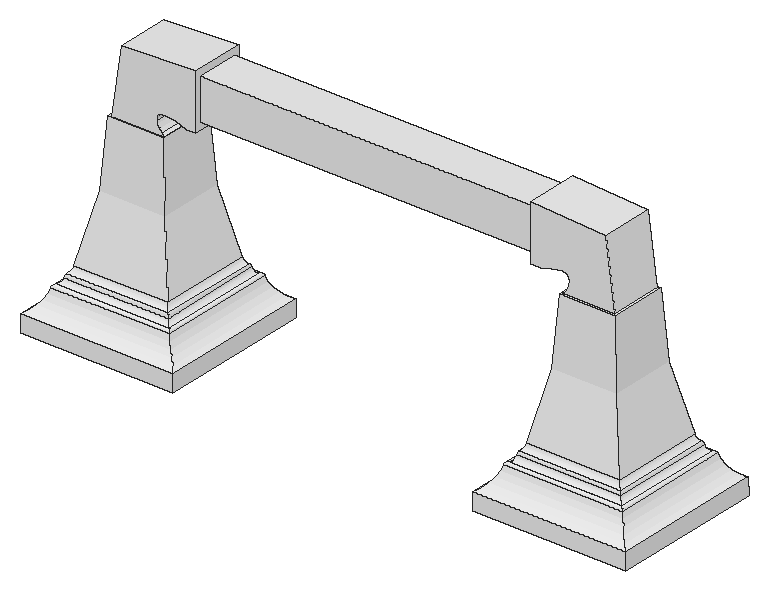
Revit family "Toilet-Paper-Holder-American_Standard-Townsend-7455230_Series", category Specialty Equipment, host Face, Revit 2019
Family settings
  Host = Face
  Round Connector Dimension = Use Diameter
  Part Type = Normal
  OmniClass Number = 23.40.20.21.21
  OmniClass Title = Toilet Paper Dispensers
  Cut with Voids When Loaded = No
  Shared = Yes
  Room Calculation Point = No
Parameters (values of type "7455230.002")
  Width = 3 7/16"  # constant formula
  Warranty Information = "Limited Lifetime Warranty"  # constant formula
  URL = "https://www.americanstandard-us.com/"
  Type Comments = ""
  Revised Date = "02/28/2024"  # constant formula
  Product Page URL = "https://www.americanstandard-us.com/toilet-paper-holders/town-square-s-toilet-paper-holder/chrome-7455230002"
  Product Documentation Link = "https://lixil.cdn.celum.cloud/168931_spec_7455230_Town_Square_S_accessories_towel_paper_holder_original.pdf"
  Model = "7455230.002"
  Material = "Metal-American Standard-002-Polished Chrome"
  Manufacturer = "American Standard"  # constant formula
  Length = 8 29/32"  # constant formula
  Installation Type = "Wall Mount"  # constant formula
  Height = 2 1/4"  # constant formula
  Finish = Metal-American Standard-002-Polished Chrome
  Description = "Town Square® S Toilet Paper Holder "  # constant formula
  Default Elevation = 48"  # constant formula
  Creation Date = "05/07/2018"  # constant formula
  Assembly Code = "C1030220"
Types (7): name | Product Page URL | Model
  (no name) | "https://www.americanstandard-us.com/toilet-paper-holders/town-square-s-toilet-paper-holder/chrome-7455230002" | "7455230.002"
  7455230.013 | "https://www.americanstandard-us.com/toilet-paper-holders/town-square-s-toilet-paper-holder/polished-nickel-7455230013" | "7455230.013"
  7455230.278 | "https://www.americanstandard-us.com/toilet-paper-holders/town-square-s-toilet-paper-holder/legacy-bronze-7455230278" | "7455230.278"
  7455230.002 | "https://www.americanstandard-us.com/toilet-paper-holders/town-square-s-toilet-paper-holder/chrome-7455230002" | "7455230.002"
  7455230.243 | "https://www.americanstandard-us.com/toilet-paper-holders/town-square-s-toilet-paper-holder/matte-black-7455230243" | "7455230.243"
  7455230.GN0 | "https://www.americanstandard-us.com/toilet-paper-holders/town-square-s-toilet-paper-holder/grohe-brushed-cool-sunrise-7455230gn0" | "7455230.GN0"
  7455230.295 | "https://www.americanstandard-us.com/toilet-paper-holders/town-square-s-toilet-paper-holder/brushed-nickel-7455230295" | "7455230.295"
Reference planes (in)
  plane 1 "Center (Front/Back)": y = 0
  plane 2: z = 0
  plane 3 "Center (Left/Right)": x = 0
  plane 4: y = 1.125
  plane 5: y = -1.125
  plane 6: x = -4.45313
  plane 7: z = 3.4375
  plane 8: y = -0.3125
  plane 9: y = 0.3125
  plane 10: x = 4.45312
  plane 11: z = 3.7375
  plane 12: z = 3.125
  plane 13: x = -3.32812
  plane 14: x = 3.32813
  plane 15: x = -2.20312
  plane 16: x = 2.20313
  plane 17: x = 2.46379
  plane 18: x = -2.45843
Forms (in)
  Extrusion 1, solid, material "Metal-American Standard-002-Polished Chrome" <- "Finish"
    sketch origin (0, 0, 0) x (1, 0, 0) y (0, 1, 0)
      loop
        line (2.46379, 0.3125) -> (-2.45843, 0.3125) -> (-2.45843, -0.3125) -> (2.46379, -0.3125) -> (2.46379, 0.3125)
    from 3.125 to 3.7375
  Sweep 2, solid, material "Metal-American Standard-002-Polished Chrome" <- "Finish"
    path origin (-0.01562, 0, 0) x (1, 0, 0) y (0, 0, 1)
      loop
        line (2.47942, 3.43125) -> (3.32813, 3.43125) -> (3.32813, 2.79743)
    profile origin (2.88815, 0, 3.43125) x (0, 0, 1) y (0, -1, 0)
      loop
        line (0.43125, 0.38739) -> (-0.4625, 0.38739) -> (-0.4625, -0.39103) -> (0.43125, -0.39103) -> (0.43125, 0.38739)
  Sweep 3, solid, material "Metal-American Standard-002-Polished Chrome" <- "Finish"
    path origin (0.02099, 0, 0) x (-1, 0, 0) y (0, 0, 1)
      loop
        line (2.47942, 3.43125) -> (3.32813, 3.43125) -> (3.32813, 2.79743)
    profile origin (-2.88278, 0, 3.43125) x (0, 0, -1) y (0, -1, 0)
      loop
        line (-0.43125, 0.38739) -> (-0.43125, -0.39103) -> (0.4625, -0.39103) -> (0.4625, 0.38739) -> (-0.43125, 0.38739)
  Sweep 4, solid, material "Metal-American Standard-002-Polished Chrome" <- "Finish"
    path origin (0, 0, 0) x (1, 0, 0) y (0, 1, 0)
      loop
        line (-4.45313, 1.125) -> (-4.45313, -1.125) -> (-2.20312, -1.125) -> (-2.20312, 1.125) -> (-4.45313, 1.125)
    profile origin (-3.32812, 1.125, 0) x (0, 1, 0) y (0, 0, 1)
      loop
        line (-0.16444, 0) -> (0, 0) -> (0, 0.25)
        arc (0, 0.25) -> (-0.16077, 0.38802) -> (-0.24972, 0.58034) r 0.49863
        arc (-0.24972, 0.58034) -> (-0.26706, 0.60819) -> (-0.29801, 0.61906) r 0.04947
        arc (-0.29801, 0.61906) -> (-0.33901, 0.65191) -> (-0.35889, 0.70054) r 0.10468
        arc (-0.35889, 0.70054) -> (-0.36552, 0.72808) -> (-0.3776, 0.7537) r 0.13916
        arc (-0.3776, 0.7537) -> (-0.41929, 0.79484) -> (-0.44006, 0.8496) r 0.13745
        arc (-0.44006, 0.8496) -> (-0.64837, 1.81341) -> (-0.71204, 2.79743) r 6.65793
        line (-0.71204, 2.79743) -> (-0.75613, 2.79743)
        arc (-0.75613, 2.79743) -> (-0.62387, 1.36411) -> (-0.16444, 0) r 6.19579
  Sweep 5, solid, material "Metal-American Standard-002-Polished Chrome" <- "Finish"
    path origin (24.02344, 0.00241, 0) x (1, 0, 0) y (0, 1, 0)
      loop
        line (-21.82031, 1.12259) -> (-21.82031, -1.12741) -> (-19.57031, -1.12741) -> (-19.57031, 1.12259) -> (-21.82031, 1.12259)
    profile origin (3.32813, 1.125, 0) x (0, 1, 0) y (0, 0, 1)
      loop
        line (-0.16444, 0) -> (0, 0) -> (0, 0.25)
        arc (0, 0.25) -> (-0.16077, 0.38802) -> (-0.24972, 0.58034) r 0.49863
        arc (-0.24972, 0.58034) -> (-0.26706, 0.60819) -> (-0.29801, 0.61906) r 0.04947
        arc (-0.29801, 0.61906) -> (-0.33901, 0.65191) -> (-0.35889, 0.70054) r 0.10468
        arc (-0.35889, 0.70054) -> (-0.36552, 0.72808) -> (-0.3776, 0.7537) r 0.13916
        arc (-0.3776, 0.7537) -> (-0.41929, 0.79484) -> (-0.44006, 0.8496) r 0.13745
        arc (-0.44006, 0.8496) -> (-0.64837, 1.81341) -> (-0.71204, 2.79743) r 6.65793
        line (-0.71204, 2.79743) -> (-0.75613, 2.79743)
        arc (-0.75613, 2.79743) -> (-0.62387, 1.36411) -> (-0.16444, 0) r 6.19579
  Extrusion 6, void
    sketch origin (-1.05602, 0, -0.96066) x (1, 0, 0) y (0, 0, 1)
      loop
        arc (4.08793, 3.94825) -> (4.06434, 4.0193) -> (3.9948, 4.04701) r 0.08873
        arc (3.9948, 4.04701) -> (3.82464, 4.02338) -> (3.6606, 3.97236) r 1.05172
        line (3.6606, 3.97236) -> (3.51981, 3.97236) -> (3.51981, 3.92941) -> (3.90602, 3.92941) -> (3.90602, 3.75809) -> (3.99246, 3.75809) -> (4.02984, 3.79486)
        arc (4.02984, 3.79486) -> (4.06809, 3.86807) -> (4.08793, 3.94825) r 0.3464
    from -0.39103 to 0.38739
  Extrusion 7, void
    sketch origin (1.06138, 0, -0.96066) x (-1, 0, 0) y (0, 0, -1)
      loop
        arc (4.0882, -3.9486) -> (4.06833, -3.86817) -> (4.02994, -3.79476) r 0.34665
        line (4.02994, -3.79476) -> (3.99246, -3.75809) -> (3.90602, -3.75809) -> (3.90602, -3.92941) -> (3.51981, -3.92941) -> (3.51981, -3.97236) -> (3.66024, -3.97236)
        arc (3.66024, -3.97236) -> (3.82363, -4.02316) -> (3.99309, -4.04678) r 1.05158
        arc (3.99309, -4.04678) -> (4.06387, -4.02019) -> (4.0882, -3.9486) r 0.0884
    from -0.39103 to 0.38739
  Extrusion 8, void
    sketch origin (0, 0, 0) x (1, 0, 0) y (0, 0, 1)
      loop
        line (2.46379, 3.8625) -> (2.46379, 3.83004) -> (3.56087, 3.77254) -> (3.697, 2.79743) -> (3.74375, 2.79743) -> (3.74375, 3.8625) -> (2.46379, 3.8625)
    from -0.39103 to 0.38739
  Extrusion 9, void
    sketch origin (0.00536, 0, 0) x (-1, 0, 0) y (0, 0, -1)
      loop
        line (2.46379, -3.8625) -> (3.74375, -3.8625) -> (3.74375, -2.79743) -> (3.697, -2.79743) -> (3.56087, -3.77254) -> (2.46379, -3.83004) -> (2.46379, -3.8625)
    from -0.39103 to 0.38739
Cuts and joins
  Extrusion 6, Extrusion 8 cuts Sweep 2
  Extrusion 7 cuts Sweep 5
  joined: Extrusion 1, Sweep 2, Sweep 4, Sweep 5
  Extrusion 7, Extrusion 9 cuts Sweep 3
Lines and regions (in)
  Masking region 1
    outline origin (0, 0, 0) x (1, 0, 0) y (0, 0, 1)
      loop
        spline (4.20279, 0.58316) -> (4.2003, 0.58878) -> (4.19744, 0.59404) -> (4.19426, 0.5989) -> (4.19076, 0.60331) -> (4.187, 0.60723) -> (4.18299, 0.61063) -> (4.17878, 0.61347) -> (4.17441, 0.61573) -> (4.16991, 0.61739) -> (4.16532, 0.61843) -> (4.1607, 0.61885) -> (4.15607, 0.61864)
        arc (4.15607, 0.61864) -> (4.11443, 0.65149) -> (4.09424, 0.70054) r 0.10468
        arc (4.09424, 0.70054) -> (4.0876, 0.72808) -> (4.07553, 0.7537) r 0.13916
        arc (4.07553, 0.7537) -> (4.03384, 0.79484) -> (4.01306, 0.8496) r 0.13745
        arc (4.01306, 0.8496) -> (3.80475, 1.81341) -> (3.74108, 2.79743) r 6.65793
        line (3.74108, 2.79743) -> (3.697, 2.79743) -> (3.56087, 3.77254) -> (2.46379, 3.83004) -> (2.46379, 3.7375) -> (-2.45843, 3.7375) -> (-2.45843, 3.83004) -> (-3.55551, 3.77254) -> (-3.69164, 2.79743) -> (-3.74108, 2.79743)
        arc (-3.74108, 2.79743) -> (-3.80475, 1.81341) -> (-4.01306, 0.8496) r 6.65793
        arc (-4.01306, 0.8496) -> (-4.03384, 0.79484) -> (-4.07553, 0.7537) r 0.13745
        arc (-4.07553, 0.7537) -> (-4.0876, 0.72808) -> (-4.09424, 0.70054) r 0.13916
        arc (-4.09424, 0.70054) -> (-4.11443, 0.65149) -> (-4.15607, 0.61864) r 0.10468
        spline (-4.15607, 0.61864) -> (-4.16076, 0.61885) -> (-4.16544, 0.61844) -> (-4.17006, 0.61741) -> (-4.17458, 0.61576) -> (-4.17897, 0.61352) -> (-4.18318, 0.6107) -> (-4.18717, 0.60733) -> (-4.19091, 0.60345) -> (-4.19437, 0.59907) -> (-4.19751, 0.59425) -> (-4.2003, 0.58902) -> (-4.20273, 0.58344)
        arc (-4.20273, 0.58344) -> (-4.2914, 0.38929) -> (-4.45313, 0.25) r 0.49863
        line (-4.45313, 0.25) -> (-4.45313, 0) -> (-2.20312, 0) -> (-2.20312, 0.25)
        arc (-2.20312, 0.25) -> (-2.36477, 0.38917) -> (-2.45346, 0.58316) r 0.49863
        spline (-2.45346, 0.58316) -> (-2.45595, 0.58878) -> (-2.45881, 0.59404) -> (-2.46199, 0.5989) -> (-2.46549, 0.60331) -> (-2.46925, 0.60723) -> (-2.47326, 0.61063) -> (-2.47747, 0.61347) -> (-2.48184, 0.61573) -> (-2.48634, 0.61739) -> (-2.49093, 0.61843) -> (-2.49555, 0.61885) -> (-2.50018, 0.61864)
        arc (-2.50018, 0.61864) -> (-2.54182, 0.65149) -> (-2.56201, 0.70054) r 0.10468
        arc (-2.56201, 0.70054) -> (-2.56865, 0.72808) -> (-2.58072, 0.7537) r 0.13916
        arc (-2.58072, 0.7537) -> (-2.62241, 0.79484) -> (-2.64319, 0.8496) r 0.13745
        arc (-2.64319, 0.8496) -> (-2.85042, 1.80576) -> (-2.9153, 2.78198) r 6.65793
        line (-2.9153, 2.78198) -> (-2.96855, 2.8341)
        arc (-2.96855, 2.8341) -> (-3.00694, 2.90751) -> (-3.02682, 2.98794) r 0.34665
        arc (-3.02682, 2.98794) -> (-3.00249, 3.05953) -> (-2.93171, 3.08612) r 0.0884
        arc (-2.93171, 3.08612) -> (-2.76225, 3.0625) -> (-2.59886, 3.0117) r 1.05158
        line (-2.59886, 3.0117) -> (-2.45843, 3.0117) -> (-2.45843, 3.125) -> (2.46379, 3.125) -> (2.46379, 3.0117) -> (2.60458, 3.0117)
        arc (2.60458, 3.0117) -> (2.76862, 3.06272) -> (2.93878, 3.08635) r 1.05172
        arc (2.93878, 3.08635) -> (3.00832, 3.05864) -> (3.03191, 2.98759) r 0.08873
        arc (3.03191, 2.98759) -> (3.01208, 2.90741) -> (2.97382, 2.8342) r 0.3464
        line (2.97382, 2.8342) -> (2.91533, 2.77665)
        arc (2.91533, 2.77665) -> (2.85005, 1.80313) -> (2.64319, 0.8496) r 6.65793
        arc (2.64319, 0.8496) -> (2.62241, 0.79484) -> (2.58072, 0.7537) r 0.13745
        arc (2.58072, 0.7537) -> (2.56865, 0.72808) -> (2.56201, 0.70054) r 0.13916
        arc (2.56201, 0.70054) -> (2.54213, 0.65191) -> (2.50113, 0.61906) r 0.10468
        arc (2.50113, 0.61906) -> (2.47018, 0.60819) -> (2.45284, 0.58034) r 0.04947
        arc (2.45284, 0.58034) -> (2.3639, 0.38802) -> (2.20313, 0.25) r 0.49863
        line (2.20313, 0.25) -> (2.20313, 0) -> (4.45312, 0) -> (4.45312, 0.25)
        arc (4.45312, 0.25) -> (4.29148, 0.38917) -> (4.20279, 0.58316) r 0.49863
  symbolic lines, detail levels medium+fine
    curve 1: line (2.46379, 0, 3.0117) -> (2.46379, 0, 3.7375)
    curve 2: line (2.91517, 0, 2.79743) -> (3.74108, 0, 2.79743)
    curve 3: line (-2.45843, 0, 3.7375) -> (-2.45843, 0, 3.125)
    curve 4: line (-3.69164, 0, 2.79743) -> (-2.93108, 0, 2.79743)
    curve 8: line (4.45312, 0, 0.25) -> (2.20313, 0, 0.25)
    curve 12: line (-2.20312, 0, 0.25) -> (-4.45313, 0, 0.25)
  symbolic lines, detail levels fine
    curve 5: line (4.01306, 0, 0.8496) -> (2.64319, 0, 0.8496)
    curve 6: line (4.07553, 0, 0.7537) -> (2.58072, 0, 0.7537)
    curve 7: line (4.15512, 0, 0.61906) -> (2.50113, 0, 0.61906)
    curve 9: line (-2.64319, 0, 0.8496) -> (-4.01306, 0, 0.8496)
    curve 10: line (-2.58072, 0, 0.7537) -> (-4.07553, 0, 0.7537)
    curve 11: line (-2.50113, 0, 0.61906) -> (-4.15512, 0, 0.61906)
Dimensions and locks (in)
  equal spacing: plane 6, plane 3 "Center (Left/Right)", plane 10
  "Height": plane 4 to plane 5
  "Width": plane 7 to plane 2
  plane 9 to plane 1 "Center (Front/Back)" to plane 8 = 5/16", 5/16"
  host face to plane 7 = 3 7/16"
  plane 5 to plane 4 = 2 1/4"
  equal spacing: plane 4, plane 1 "Center (Front/Back)", plane 5
  plane 12 to plane 7 to plane 11 = 5/16", 0.3"
  plane 11 to plane 12 = 0.6125"
  plane 12 to plane 11 = 0.6125"
  plane 6 to plane 13 to plane 18 to plane 15 = 1 1/8" locked, 0.86969" locked, 0.25531" locked
  plane 16 to plane 17 to plane 14 to plane 10 = 0.26067" locked, 0.86433" locked, 1 1/8" locked
  "Length": plane 6 to plane 10
  plane 18 to plane 17 = 4.92223"
  aligned and locked: plane 2 to host face
  aligned and locked: level to host face
  aligned and locked: plane 4 to Sweep 4 sketch curve
  aligned and locked: plane 6 to Sweep 4 sketch curve
  aligned and locked: Sweep 4 sketch curve to plane 5
  aligned and locked: Sweep 4 sketch curve to plane 15
  aligned and locked: plane 16 to Sweep 5 sketch curve
  aligned and locked: plane 10 to Sweep 5 sketch curve
  aligned and locked: Sweep 5 sketch curve to plane 5
  aligned and locked: plane 4 to Sweep 5 sketch curve
  aligned and locked: Extrusion 7 to Sweep 3  (x4)
  aligned and locked: Extrusion 8 sketch curve to plane 17
  aligned and locked: Extrusion 8 to Sweep 2  (x2)
  aligned and locked: Extrusion 9 to cut or joined group of Sweep 3, Extrusion 7, Extrusion 9  (x2)
  aligned and locked: Masking region 1 sketch curve to cut or joined group of Extrusion 1, Sweep 2, Sweep 4, Sweep 5, Extrusion 6, Extrusion 7, Extrusion 8  (x31)
  aligned and locked: Masking region 1 sketch curve to plane 10
  aligned and locked: host face to Masking region 1 sketch curve  (x2)
  aligned and locked: plane 16 to Masking region 1 sketch curve
  aligned and locked: plane 15 to Masking region 1 sketch curve
  aligned and locked: plane 6 to Masking region 1 sketch curve
  aligned and locked: plane 17 to curve 1
  aligned and locked: cut or joined group of Sweep 3, Extrusion 7, Extrusion 9 to curve 3
  aligned and locked: curve 5 to cut or joined group of Extrusion 1, Sweep 2, Sweep 4, Sweep 5, Extrusion 6, Extrusion 7, Extrusion 8
  aligned and locked: curve 6 to cut or joined group of Extrusion 1, Sweep 2, Sweep 4, Sweep 5, Extrusion 6, Extrusion 7, Extrusion 8
  aligned and locked: curve 7 to cut or joined group of Extrusion 1, Sweep 2, Sweep 4, Sweep 5, Extrusion 6, Extrusion 7, Extrusion 8
  aligned and locked: curve 8 to cut or joined group of Extrusion 1, Sweep 2, Sweep 4, Sweep 5, Extrusion 6, Extrusion 7, Extrusion 8
  aligned and locked: curve 9 to cut or joined group of Extrusion 1, Sweep 2, Sweep 4, Sweep 5, Extrusion 6, Extrusion 7, Extrusion 8
  aligned and locked: curve 10 to cut or joined group of Extrusion 1, Sweep 2, Sweep 4, Sweep 5, Extrusion 6, Extrusion 7, Extrusion 8
  aligned and locked: curve 11 to cut or joined group of Extrusion 1, Sweep 2, Sweep 4, Sweep 5, Extrusion 6, Extrusion 7, Extrusion 8
  aligned and locked: curve 12 to cut or joined group of Extrusion 1, Sweep 2, Sweep 4, Sweep 5, Extrusion 6, Extrusion 7, Extrusion 8
  aligned and locked: Masking region 1 sketch curve to cut or joined group of Sweep 3, Extrusion 7, Extrusion 9  (x8)
  aligned and locked: Masking region 1 sketch curve to curve 4
Automatic sketch dimensions
  host sketch curve to host sketch curve = 96"  (x2)
  plane 9 to Extrusion 1 sketch curve = 0"
  Extrusion 1 sketch curve to plane 18 = 0"
  plane 8 to Extrusion 1 sketch curve = 0"
  Extrusion 1 sketch curve to plane 17 = 0"
  Sweep 2 sketch curve to plane 17 = 0"
  plane 7 to Sweep 2 sketch curve = 0.00625"
  Sweep 2 sketch curve to plane 14 = 1/64"
  plane 12 to Sweep 2 sketch curve = 0.32757"
  profile plane to Sweep 2 sketch curve = 0.4625"
  Sweep 2 sketch curve to profile plane = 0.43125"
  Sweep 2 sketch curve to plane 1 "Center (Front/Back)" = 0.39103"
  plane 1 "Center (Front/Back)" to Sweep 2 sketch curve = 0.38739"
  Sweep 3 sketch curve to plane 18 = 0"
  Sweep 3 sketch curve to plane 7 = 0.00625"
  Sweep 3 sketch curve to plane 13 = 0.02099"
  Sweep 3 sketch curve to plane 12 = 0.32757"
  profile plane to Sweep 3 sketch curve = 0.43125"
  Sweep 3 sketch curve to profile plane = 0.4625"
  Sweep 3 sketch curve to plane 1 "Center (Front/Back)" = 0.39103"
  plane 1 "Center (Front/Back)" to Sweep 3 sketch curve = 0.38739"
  Sweep 4 sketch curve to level = 0"
  Sweep 4 sketch curve to profile plane = 0"
  profile plane to Sweep 4 sketch curve = 0.16444"
  profile plane to Sweep 4 sketch curve = 0.25516"
  Sweep 4 sketch curve to Sweep 4 sketch curve = 0.04285"
  Sweep 4 sketch curve to Sweep 4 sketch curve = 0.04895"
  Sweep 4 sketch curve to Sweep 4 sketch curve = 0.19879"
  profile plane to Sweep 4 sketch curve = 0.71204"
  Sweep 4 sketch curve to Sweep 4 sketch curve = 0.04408"
  Sweep 4 sketch curve to profile plane = 0.237"
  level to Sweep 4 sketch curve = 2.64622"
  Sweep 4 sketch curve to profile plane = 5.43782"
  Sweep 4 sketch curve to Sweep 4 sketch curve = 0.50777"
  Sweep 4 sketch curve to Sweep 4 sketch curve = 1/4"
  Sweep 4 sketch curve to Sweep 4 sketch curve = 0.31959"
  Sweep 4 sketch curve to Sweep 4 sketch curve = 0.11229"
  Sweep 4 sketch curve to Sweep 4 sketch curve = 0.43871"
  Sweep 4 sketch curve to Sweep 4 sketch curve = 0.13423"
  Sweep 4 sketch curve to Sweep 4 sketch curve = 0.15529"
  Sweep 4 sketch curve to Sweep 4 sketch curve = 0.08792"
  Sweep 4 sketch curve to Sweep 4 sketch curve = 0"  (x2)
  Sweep 4 sketch curve to Sweep 4 sketch curve = 0.01871"
  Sweep 5 sketch curve to level = 0"
  Sweep 5 sketch curve to profile plane = 0"
  profile plane to Sweep 5 sketch curve = 0.16444"
  profile plane to Sweep 5 sketch curve = 0.25516"
  Sweep 5 sketch curve to Sweep 5 sketch curve = 0.04285"
  Sweep 5 sketch curve to Sweep 5 sketch curve = 0.04895"
  Sweep 5 sketch curve to Sweep 5 sketch curve = 0.19879"
  profile plane to Sweep 5 sketch curve = 0.71204"
  Sweep 5 sketch curve to Sweep 5 sketch curve = 0.04408"
  Sweep 5 sketch curve to profile plane = 0.237"
  level to Sweep 5 sketch curve = 2.64622"
  Sweep 5 sketch curve to profile plane = 5.43782"
  Sweep 5 sketch curve to Sweep 5 sketch curve = 0.50777"
  Sweep 5 sketch curve to Sweep 5 sketch curve = 1/4"
  Sweep 5 sketch curve to Sweep 5 sketch curve = 0.31959"
  Sweep 5 sketch curve to Sweep 5 sketch curve = 0.11229"
  Sweep 5 sketch curve to Sweep 5 sketch curve = 0.43871"
  Sweep 5 sketch curve to Sweep 5 sketch curve = 0.13423"
  Sweep 5 sketch curve to Sweep 5 sketch curve = 0.15529"
  Sweep 5 sketch curve to Sweep 5 sketch curve = 0.08792"
  Sweep 5 sketch curve to Sweep 5 sketch curve = 0"  (x2)
  Sweep 5 sketch curve to Sweep 5 sketch curve = 0.01871"
  Extrusion 6 sketch curve to plane 17 = 0"
  plane 17 to Extrusion 6 sketch curve = 0.14078"
  Extrusion 6 sketch curve to Extrusion 6 sketch curve = 0.08355"
  Extrusion 6 sketch curve to Extrusion 6 sketch curve = 0.16187"
  Extrusion 6 sketch curve to Extrusion 6 sketch curve = 0.08645"
  Extrusion 6 sketch curve to Extrusion 6 sketch curve = 3/32"
  Extrusion 6 sketch curve to Extrusion 6 sketch curve = 0.03737"
  Extrusion 6 sketch curve to plane 14 = 0.33023"
  plane 12 to Extrusion 6 sketch curve = 1.0887"
  plane 12 to Extrusion 6 sketch curve = 0.32757"
  Extrusion 6 sketch curve to Extrusion 6 sketch curve = 0.03677"
  plane 12 to Extrusion 6 sketch curve = 5/32"
  Extrusion 6 sketch curve to Extrusion 6 sketch curve = 0.02902"
  Extrusion 6 sketch curve to Extrusion 6 sketch curve = 11/256"
  Extrusion 6 sketch curve to Extrusion 6 sketch curve = 0.0184"
  Extrusion 6 sketch curve to Extrusion 6 sketch curve = 0"
  Extrusion 7 sketch curve to plane 18 = 0"
  plane 18 to Extrusion 7 sketch curve = 0.14043"
  Extrusion 7 sketch curve to Extrusion 7 sketch curve = 0.08391"
  Extrusion 7 sketch curve to Extrusion 7 sketch curve = 0.16187"
  Extrusion 7 sketch curve to Extrusion 7 sketch curve = 0.08645"
  Extrusion 7 sketch curve to Extrusion 7 sketch curve = 0.09436"
  Extrusion 7 sketch curve to Extrusion 7 sketch curve = 0.03747"
  Extrusion 7 sketch curve to plane 13 = 0.33642"
  Extrusion 7 sketch curve to plane 12 = 1.08874"
  Extrusion 7 sketch curve to plane 12 = 0.32757"
  Extrusion 7 sketch curve to Extrusion 7 sketch curve = 0.03667"
  Extrusion 7 sketch curve to plane 12 = 5/32"
  Extrusion 7 sketch curve to Extrusion 7 sketch curve = 0.02928"
  Extrusion 7 sketch curve to Extrusion 7 sketch curve = 11/256"
  Extrusion 7 sketch curve to Extrusion 7 sketch curve = 0.01859"
  Extrusion 7 sketch curve to Extrusion 7 sketch curve = 0"
  Extrusion 8 sketch curve to plane 11 = 0.03504"
  Extrusion 8 sketch curve to Extrusion 8 sketch curve = 0.18288"
  Extrusion 8 sketch curve to Extrusion 8 sketch curve = 0.04675"
  Extrusion 8 sketch curve to Extrusion 8 sketch curve = 0.03246"
  plane 15 to Extrusion 9 sketch curve = 0.25531"
  Extrusion 9 sketch curve to Extrusion 9 sketch curve = 1.09708"
  Extrusion 9 sketch curve to Extrusion 9 sketch curve = 0.13613"
  Extrusion 9 sketch curve to Extrusion 9 sketch curve = 0.18288"
  Extrusion 9 sketch curve to plane 11 = 0.94007"
  Extrusion 9 sketch curve to Extrusion 9 sketch curve = 0.97512"
  Extrusion 9 sketch curve to Extrusion 9 sketch curve = 0.0575"
  Extrusion 9 sketch curve to Extrusion 9 sketch curve = 0.03246"
  plane 14 to Extrusion 8 sketch curve = 0.23275"
  plane 12 to Extrusion 8 sketch curve = 0.32757"
  Extrusion 8 sketch curve to plane 11 = 0.09254"
  Masking region 1 sketch curve to Masking region 1 sketch curve = 0.04672"
  Masking region 1 sketch curve to Masking region 1 sketch curve = 0.00317"  (x2)
  Masking region 1 sketch curve to Masking region 1 sketch curve = 0.04214"
  Masking region 1 sketch curve to Masking region 1 sketch curve = 0.06184"
  plane 18 to Masking region 1 sketch curve = 0.00497"
  Masking region 1 sketch curve to plane 18 = 0.03717"
  Masking region 1 sketch curve to Masking region 1 sketch curve = 0.03354"
  Masking region 1 sketch curve to Masking region 1 sketch curve = 0.04199"
  Masking region 1 sketch curve to Masking region 1 sketch curve = 0.04342"
  Masking region 1 sketch curve to Masking region 1 sketch curve = 0.00467"
  Masking region 1 sketch curve to Masking region 1 sketch curve = 0.03383"
  curve 3 to plane 12 = 0"
  curve 3 to plane 11 = 0"
  curve 1 to plane 11 = 0"
  plane 13 to curve 4 = 0.39704"
  curve 4 to plane 13 = 0.36351"
  curve 2 to plane 14 = 0.41296"
  plane 14 to curve 2 = 0.41296"
  plane 12 to curve 1 = 29/256"
  plane 12 to curve 4 = 0.32757"
  plane 12 to curve 2 = 0.32757"
  plane 17 to curve 5 = 0.17939"
  plane 10 to curve 5 = 0.44006"
  curve 6 to curve 5 = 0.06246"
  curve 5 to curve 6 = 0.06246"
  plane 17 to curve 7 = 0.03734"
  curve 6 to curve 7 = 0.07959"
  curve 8 to plane 16 = 0"
  plane 10 to curve 8 = 0"
  plane 6 to curve 9 = 0.44006"
  curve 9 to plane 18 = 0.18476"
  curve 10 to curve 9 = 0.06246"
  curve 9 to curve 10 = 0.06246"
  curve 11 to curve 10 = 0.07959"
  curve 11 to plane 18 = 0.0427"
  curve 12 to plane 6 = 0"
  curve 12 to plane 15 = 0"
  Masking region 1 sketch curve to Masking region 1 sketch curve = 0.04408"
  Masking region 1 sketch curve to plane 17 = 0"
  Masking region 1 sketch curve to plane 18 = 0"
